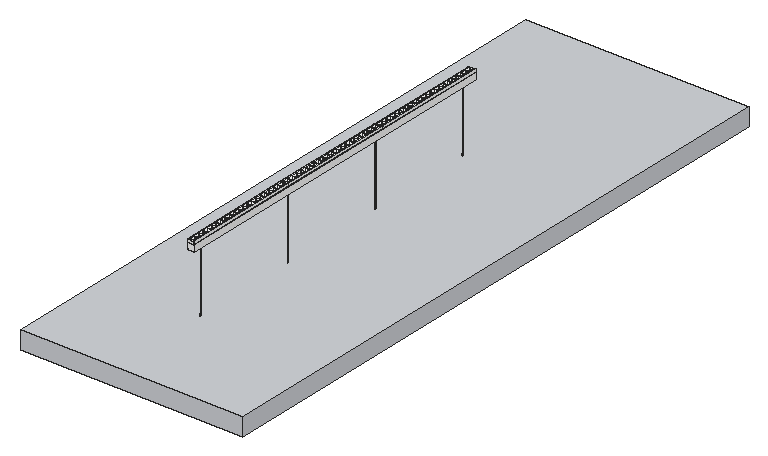
Revit family "Zumtobel TECTON MIREL LED", category Lighting Fixtures, host Face, Revit 2016 (continued)
Definition of nested family "Zumtobel TECTON MIREL LED (Lamp & Reflector)"
  Definition of nested family "Zumtobel TECTON MIREL Body L 1500"
    Forms (mm)
      Blend 3, void
        base sketch origin (0, 0, -623) x (0, -1, 0) y (1, 0, 0)
          loop
            line (238.644, -71.424) -> (238.644, -31.424) -> (198.644, -31.424) -> (198.644, -71.424) -> (238.644, -71.424)
        top sketch origin (0, 0, -623) x (0, -1, 0) y (1, 0, 0)
          loop
            line (207.644, -40.424) -> (207.644, -62.424) -> (229.644, -62.424) -> (229.644, -40.424) -> (207.644, -40.424)
        from 0 to 10
      Blend 4, void
        base sketch origin (0, 0, -623) x (0, -1, 0) y (1, 0, 0)
          loop
            line (238.644, 15.576) -> (198.644, 15.576) -> (198.644, -24.424) -> (238.644, -24.424) -> (238.644, 15.576)
        top sketch origin (0, 0, -623) x (0, -1, 0) y (1, 0, 0)
          loop
            line (207.644, -15.424) -> (229.644, -15.424) -> (229.644, 6.576) -> (207.644, 6.576) -> (207.644, -15.424)
        from 0 to 10
      Blend 5, void
        base sketch origin (0, 0, -623) x (0, -1, 0) y (1, 0, 0)
          loop
            line (238.644, 109.576) -> (198.644, 109.576) -> (198.644, 69.576) -> (238.644, 69.576) -> (238.644, 109.576)
        top sketch origin (0, 0, -623) x (0, -1, 0) y (1, 0, 0)
          loop
            line (207.644, 78.576) -> (229.644, 78.576) -> (229.644, 100.576) -> (207.644, 100.576) -> (207.644, 78.576)
        from 0 to 10
      Blend 6, void
        base sketch origin (0, 0, -623) x (0, -1, 0) y (1, 0, 0)
          loop
            line (238.644, 62.576) -> (198.644, 62.576) -> (198.644, 22.576) -> (238.644, 22.576) -> (238.644, 62.576)
        top sketch origin (0, 0, -623) x (0, -1, 0) y (1, 0, 0)
          loop
            line (207.644, 31.576) -> (229.644, 31.576) -> (229.644, 53.576) -> (207.644, 53.576) -> (207.644, 31.576)
        from 0 to 10
      Blend 7, void
        base sketch origin (0, 0, -623) x (0, -1, 0) y (1, 0, 0)
          loop
            line (238.644, 116.576) -> (238.644, 156.576) -> (198.644, 156.576) -> (198.644, 116.576) -> (238.644, 116.576)
        top sketch origin (0, 0, -623) x (0, -1, 0) y (1, 0, 0)
          loop
            line (207.644, 147.576) -> (207.644, 125.576) -> (229.644, 125.576) -> (229.644, 147.576) -> (207.644, 147.576)
        from 0 to 10
      Blend 8, void
        base sketch origin (0, 0, -623) x (0, -1, 0) y (1, 0, 0)
          loop
            line (238.644, 344.576) -> (198.644, 344.576) -> (198.644, 304.576) -> (238.644, 304.576) -> (238.644, 344.576)
        top sketch origin (0, 0, -623) x (0, -1, 0) y (1, 0, 0)
          loop
            line (207.644, 313.576) -> (229.644, 313.576) -> (229.644, 335.576) -> (207.644, 335.576) -> (207.644, 313.576)
        from 0 to 10
      Blend 9, void
        base sketch origin (0, 0, -623) x (0, -1, 0) y (1, 0, 0)
          loop
            line (238.644, 297.576) -> (198.644, 297.576) -> (198.644, 257.576) -> (238.644, 257.576) -> (238.644, 297.576)
        top sketch origin (0, 0, -623) x (0, -1, 0) y (1, 0, 0)
          loop
            line (207.644, 266.576) -> (229.644, 266.576) -> (229.644, 288.576) -> (207.644, 288.576) -> (207.644, 266.576)
        from 0 to 10
      Blend 10, void
        base sketch origin (0, 0, -623) x (0, -1, 0) y (1, 0, 0)
          loop
            line (238.644, 210.576) -> (238.644, 250.576) -> (198.644, 250.576) -> (198.644, 210.576) -> (238.644, 210.576)
        top sketch origin (0, 0, -623) x (0, -1, 0) y (1, 0, 0)
          loop
            line (207.644, 241.576) -> (207.644, 219.576) -> (229.644, 219.576) -> (229.644, 241.576) -> (207.644, 241.576)
        from 0 to 10
      Blend 11, void
        base sketch origin (0, 0, -623) x (0, -1, 0) y (1, 0, 0)
          loop
            line (238.644, 163.576) -> (238.644, 203.576) -> (198.644, 203.576) -> (198.644, 163.576) -> (238.644, 163.576)
        top sketch origin (0, 0, -623) x (0, -1, 0) y (1, 0, 0)
          loop
            line (207.644, 194.576) -> (207.644, 172.576) -> (229.644, 172.576) -> (229.644, 194.576) -> (207.644, 194.576)
        from 0 to 10
      Blend 12, void
        base sketch origin (0, 0, -623) x (0, -1, 0) y (1, 0, 0)
          loop
            line (238.644, 351.576) -> (238.644, 391.576) -> (198.644, 391.576) -> (198.644, 351.576) -> (238.644, 351.576)
        top sketch origin (0, 0, -623) x (0, -1, 0) y (1, 0, 0)
          loop
            line (207.644, 382.576) -> (207.644, 360.576) -> (229.644, 360.576) -> (229.644, 382.576) -> (207.644, 382.576)
        from 0 to 10
      Blend 13, void
        base sketch origin (0, 0, -623) x (0, -1, 0) y (1, 0, 0)
          loop
            line (238.644, 438.576) -> (198.644, 438.576) -> (198.644, 398.576) -> (238.644, 398.576) -> (238.644, 438.576)
        top sketch origin (0, 0, -623) x (0, -1, 0) y (1, 0, 0)
          loop
            line (207.644, 407.576) -> (229.644, 407.576) -> (229.644, 429.576) -> (207.644, 429.576) -> (207.644, 407.576)
        from 0 to 10
      Blend 14, void
        base sketch origin (0, 0, -623) x (0, -1, 0) y (1, 0, 0)
          loop
            line (238.644, 532.576) -> (198.644, 532.576) -> (198.644, 492.576) -> (238.644, 492.576) -> (238.644, 532.576)
        top sketch origin (0, 0, -623) x (0, -1, 0) y (1, 0, 0)
          loop
            line (207.644, 501.576) -> (229.644, 501.576) -> (229.644, 523.576) -> (207.644, 523.576) -> (207.644, 501.576)
        from 0 to 10
      Blend 15, void
        base sketch origin (0, 0, -623) x (0, -1, 0) y (1, 0, 0)
          loop
            line (238.644, 485.576) -> (198.644, 485.576) -> (198.644, 445.576) -> (238.644, 445.576) -> (238.644, 485.576)
        top sketch origin (0, 0, -623) x (0, -1, 0) y (1, 0, 0)
          loop
            line (207.644, 454.576) -> (229.644, 454.576) -> (229.644, 476.576) -> (207.644, 476.576) -> (207.644, 454.576)
        from 0 to 10
      Blend 16, void
        base sketch origin (0, 0, -623) x (0, -1, 0) y (1, 0, 0)
          loop
            line (238.644, 539.576) -> (238.644, 579.576) -> (198.644, 579.576) -> (198.644, 539.576) -> (238.644, 539.576)
        top sketch origin (0, 0, -623) x (0, -1, 0) y (1, 0, 0)
          loop
            line (207.644, 570.576) -> (207.644, 548.576) -> (229.644, 548.576) -> (229.644, 570.576) -> (207.644, 570.576)
        from 0 to 10
      Blend 17, void
        base sketch origin (0, 0, -623) x (0, -1, 0) y (1, 0, 0)
          loop
            line (238.644, 633.576) -> (238.644, 673.576) -> (198.644, 673.576) -> (198.644, 633.576) -> (238.644, 633.576)
        top sketch origin (0, 0, -623) x (0, -1, 0) y (1, 0, 0)
          loop
            line (207.644, 664.576) -> (207.644, 642.576) -> (229.644, 642.576) -> (229.644, 664.576) -> (207.644, 664.576)
        from 0 to 10
      Blend 18, void
        base sketch origin (0, 0, -623) x (0, -1, 0) y (1, 0, 0)
          loop
            line (238.644, 586.576) -> (238.644, 626.576) -> (198.644, 626.576) -> (198.644, 586.576) -> (238.644, 586.576)
        top sketch origin (0, 0, -623) x (0, -1, 0) y (1, 0, 0)
          loop
            line (207.644, 617.576) -> (207.644, 595.576) -> (229.644, 595.576) -> (229.644, 617.576) -> (207.644, 617.576)
        from 0 to 10
      Blend 19, void
        base sketch origin (0, 0, -623) x (0, -1, 0) y (1, 0, 0)
          loop
            line (238.644, -165.424) -> (238.644, -125.424) -> (198.644, -125.424) -> (198.644, -165.424) -> (238.644, -165.424)
        top sketch origin (0, 0, -623) x (0, -1, 0) y (1, 0, 0)
          loop
            line (207.644, -134.424) -> (207.644, -156.424) -> (229.644, -156.424) -> (229.644, -134.424) -> (207.644, -134.424)
        from 0 to 10
      Blend 20, void
        base sketch origin (0, 0, -623) x (0, -1, 0) y (1, 0, 0)
          loop
            line (238.644, -259.424) -> (238.644, -219.424) -> (198.644, -219.424) -> (198.644, -259.424) -> (238.644, -259.424)
        top sketch origin (0, 0, -623) x (0, -1, 0) y (1, 0, 0)
          loop
            line (207.644, -228.424) -> (207.644, -250.424) -> (229.644, -250.424) -> (229.644, -228.424) -> (207.644, -228.424)
        from 0 to 10
      Blend 21, void
        base sketch origin (0, 0, -623) x (0, -1, 0) y (1, 0, 0)
          loop
            line (238.644, -212.424) -> (238.644, -172.424) -> (198.644, -172.424) -> (198.644, -212.424) -> (238.644, -212.424)
        top sketch origin (0, 0, -623) x (0, -1, 0) y (1, 0, 0)
          loop
            line (207.644, -181.424) -> (207.644, -203.424) -> (229.644, -203.424) -> (229.644, -181.424) -> (207.644, -181.424)
        from 0 to 10
      Blend 22, void
        base sketch origin (0, 0, -623) x (0, -1, 0) y (1, 0, 0)
          loop
            line (238.644, -266.424) -> (198.644, -266.424) -> (198.644, -306.424) -> (238.644, -306.424) -> (238.644, -266.424)
        top sketch origin (0, 0, -623) x (0, -1, 0) y (1, 0, 0)
          loop
            line (207.644, -297.424) -> (229.644, -297.424) -> (229.644, -275.424) -> (207.644, -275.424) -> (207.644, -297.424)
        from 0 to 10
      Blend 23, void
        base sketch origin (0, 0, -623) x (0, -1, 0) y (1, 0, 0)
          loop
            line (238.644, -494.424) -> (238.644, -454.424) -> (198.644, -454.424) -> (198.644, -494.424) -> (238.644, -494.424)
        top sketch origin (0, 0, -623) x (0, -1, 0) y (1, 0, 0)
          loop
            line (207.644, -463.424) -> (207.644, -485.424) -> (229.644, -485.424) -> (229.644, -463.424) -> (207.644, -463.424)
        from 0 to 10
      Blend 24, void
        base sketch origin (0, 0, -623) x (0, -1, 0) y (1, 0, 0)
          loop
            line (238.644, -447.424) -> (238.644, -407.424) -> (198.644, -407.424) -> (198.644, -447.424) -> (238.644, -447.424)
        top sketch origin (0, 0, -623) x (0, -1, 0) y (1, 0, 0)
          loop
            line (207.644, -416.424) -> (207.644, -438.424) -> (229.644, -438.424) -> (229.644, -416.424) -> (207.644, -416.424)
        from 0 to 10
      Blend 25, void
        base sketch origin (0, 0, -623) x (0, -1, 0) y (1, 0, 0)
          loop
            line (238.644, -360.424) -> (198.644, -360.424) -> (198.644, -400.424) -> (238.644, -400.424) -> (238.644, -360.424)
        top sketch origin (0, 0, -623) x (0, -1, 0) y (1, 0, 0)
          loop
            line (207.644, -391.424) -> (229.644, -391.424) -> (229.644, -369.424) -> (207.644, -369.424) -> (207.644, -391.424)
        from 0 to 10
      Blend 26, void
        base sketch origin (0, 0, -623) x (0, -1, 0) y (1, 0, 0)
          loop
            line (238.644, -313.424) -> (198.644, -313.424) -> (198.644, -353.424) -> (238.644, -353.424) -> (238.644, -313.424)
        top sketch origin (0, 0, -623) x (0, -1, 0) y (1, 0, 0)
          loop
            line (207.644, -344.424) -> (229.644, -344.424) -> (229.644, -322.424) -> (207.644, -322.424) -> (207.644, -344.424)
        from 0 to 10
      Blend 27, void
        base sketch origin (0, 0, -623) x (0, -1, 0) y (1, 0, 0)
          loop
            line (238.644, -501.424) -> (198.644, -501.424) -> (198.644, -541.424) -> (238.644, -541.424) -> (238.644, -501.424)
        top sketch origin (0, 0, -623) x (0, -1, 0) y (1, 0, 0)
          loop
            line (207.644, -532.424) -> (229.644, -532.424) -> (229.644, -510.424) -> (207.644, -510.424) -> (207.644, -532.424)
        from 0 to 10
      Blend 28, void
        base sketch origin (0, 0, -623) x (0, -1, 0) y (1, 0, 0)
          loop
            line (238.644, -588.424) -> (238.644, -548.424) -> (198.644, -548.424) -> (198.644, -588.424) -> (238.644, -588.424)
        top sketch origin (0, 0, -623) x (0, -1, 0) y (1, 0, 0)
          loop
            line (207.644, -557.424) -> (207.644, -579.424) -> (229.644, -579.424) -> (229.644, -557.424) -> (207.644, -557.424)
        from 0 to 10
      Blend 29, void
        base sketch origin (0, 0, -623) x (0, -1, 0) y (1, 0, 0)
          loop
            line (238.644, -682.424) -> (238.644, -642.424) -> (198.644, -642.424) -> (198.644, -682.424) -> (238.644, -682.424)
        top sketch origin (0, 0, -623) x (0, -1, 0) y (1, 0, 0)
          loop
            line (207.644, -651.424) -> (207.644, -673.424) -> (229.644, -673.424) -> (229.644, -651.424) -> (207.644, -651.424)
        from 0 to 10
      Blend 30, void
        base sketch origin (0, 0, -623) x (0, -1, 0) y (1, 0, 0)
          loop
            line (238.644, -635.424) -> (238.644, -595.424) -> (198.644, -595.424) -> (198.644, -635.424) -> (238.644, -635.424)
        top sketch origin (0, 0, -623) x (0, -1, 0) y (1, 0, 0)
          loop
            line (207.644, -604.424) -> (207.644, -626.424) -> (229.644, -626.424) -> (229.644, -604.424) -> (207.644, -604.424)
        from 0 to 10
      Blend 31, void
        base sketch origin (0, 0, -623) x (0, -1, 0) y (1, 0, 0)
          loop
            line (238.644, -689.424) -> (198.644, -689.424) -> (198.644, -729.424) -> (238.644, -729.424) -> (238.644, -689.424)
        top sketch origin (0, 0, -623) x (0, -1, 0) y (1, 0, 0)
          loop
            line (207.644, -720.424) -> (229.644, -720.424) -> (229.644, -698.424) -> (207.644, -698.424) -> (207.644, -720.424)
        from 0 to 10
      Blend 32, void
        base sketch origin (0, 0, -623) x (0, -1, 0) y (1, 0, 0)
          loop
            line (238.644, -783.424) -> (198.644, -783.424) -> (198.644, -823.424) -> (238.644, -823.424) -> (238.644, -783.424)
        top sketch origin (0, 0, -623) x (0, -1, 0) y (1, 0, 0)
          loop
            line (207.644, -814.424) -> (229.644, -814.424) -> (229.644, -792.424) -> (207.644, -792.424) -> (207.644, -814.424)
        from 0 to 10
      Blend 33, void
        base sketch origin (0, 0, -623) x (0, -1, 0) y (1, 0, 0)
          loop
            line (238.644, -736.424) -> (198.644, -736.424) -> (198.644, -776.424) -> (238.644, -776.424) -> (238.644, -736.424)
        top sketch origin (0, 0, -623) x (0, -1, 0) y (1, 0, 0)
          loop
            line (207.644, -767.424) -> (229.644, -767.424) -> (229.644, -745.424) -> (207.644, -745.424) -> (207.644, -767.424)
        from 0 to 10
    Cuts and joins
      Blend 2, Blend 3, Blend 4, Blend 5, Blend 6, Blend 7, Blend 8, Blend 9, Blend 10, Blend 11, Blend 12, Blend 13, Blend 14, Blend 15, Blend 16, Blend 17, Blend 18, Blend 19, Blend 20, Blend 21, Blend 22, Blend 23, Blend 24, Blend 25, Blend 26, Blend 27, Blend 28, Blend 29, Blend 30, Blend 31, Blend 32, Blend 33 cuts Extrusion 1
    Dimensions and locks
      plane 7 to plane 6 to plane 4 "Light Source Elevation" = 7 mm locked, 16 mm locked
      aligned and locked: plane 5 "Bottom" to level
      aligned and locked: cut or joined group 1 (Extrusion 1, Blend 2, Blend 3, Blend 4, Blend 5, Blend 6, Blend 7, Blend 8, Blend 9, Blend 10, Blend 11, Blend 12, Blend 13, Blend 14, Blend 15, Blend 16, Blend 17, Blend 18, Blend 19, Blend 20, Blend 21, Blend 22, Blend 23, Blend 24, Blend 25, Blend 26, Blend 27, Blend 28, Blend 29, Blend 30, Blend 31, Blend 32, Blend 33) to plane 8
      aligned and locked: cut or joined group 1 to plane 9
  Definition of nested family "Zumtobel TECTON MIREL Body L 1000"
    Parameters (values of type "L 1000")
      URL = ""
      Reflector [instance] = none
      Light Emitting Shape [instance] = none
      L 2000 = yes
      L 200 = yes
      L 1500 = yes
      L 1000 = yes
      Body [instance] = none
      Apparent Load = 0 VA  # constant formula
      Model = ""
      Lamp = ""
      Wattage Comments = ""
      Manufacturer = ""
      Description = ""
      Assembly Code = ""
    Reference planes
      plane 1 "Light Source Axis (F/B)": y = -218.644
      plane 2: z = 0
      plane 3 "Light Source Axis (L/R)": x = -74.924
      plane 4 "Light Source Elevation": z = -623
      plane 5 "Bottom": z = 0
      plane 6: z = -607
      plane 7: z = -600
      plane 8: x = -574.924
      plane 9: x = 425.076
    Forms (mm)
      Extrusion 1, solid, material <- "Body", visible <- "L 200"
        sketch origin (-74.924, 0, 0) x (0, 1, 0) y (0, 0, 1)
          loop
            line (-188.644, -607) -> (-191.518, -607) -> (-191.518, -600) -> (-245.769, -600) -> (-245.769, -607) -> (-248.644, -607) -> (-248.644, -625) -> (-246.644, -625) -> (-245.644, -623) -> (-191.644, -623) -> (-190.644, -625) -> (-188.644, -625) -> (-188.644, -607)
        from -500 to 500
      Blend 2, void
        base sketch origin (-23.5, 0, -623) x (0, -1, 0) y (1, 0, 0)
          loop
            line (238.644, -71.424) -> (238.644, -31.424) -> (198.644, -31.424) -> (198.644, -71.424) -> (238.644, -71.424)
        top sketch origin (-23.5, 0, -623) x (0, -1, 0) y (1, 0, 0)
          loop
            line (207.644, -40.424) -> (207.644, -62.424) -> (229.644, -62.424) -> (229.644, -40.424) -> (207.644, -40.424)
        from 0 to 10
      Blend 3, void
        base sketch origin (-23.5, 0, -623) x (0, -1, 0) y (1, 0, 0)
          loop
            line (238.644, 15.576) -> (198.644, 15.576) -> (198.644, -24.424) -> (238.644, -24.424) -> (238.644, 15.576)
        top sketch origin (-23.5, 0, -623) x (0, -1, 0) y (1, 0, 0)
          loop
            line (207.644, -15.424) -> (229.644, -15.424) -> (229.644, 6.576) -> (207.644, 6.576) -> (207.644, -15.424)
        from 0 to 10
      Blend 4, void
        base sketch origin (-23.5, 0, -623) x (0, -1, 0) y (1, 0, 0)
          loop
            line (238.644, 109.576) -> (198.644, 109.576) -> (198.644, 69.576) -> (238.644, 69.576) -> (238.644, 109.576)
        top sketch origin (-23.5, 0, -623) x (0, -1, 0) y (1, 0, 0)
          loop
            line (207.644, 78.576) -> (229.644, 78.576) -> (229.644, 100.576) -> (207.644, 100.576) -> (207.644, 78.576)
        from 0 to 10
      Blend 5, void
        base sketch origin (-23.5, 0, -623) x (0, -1, 0) y (1, 0, 0)
          loop
            line (238.644, 62.576) -> (198.644, 62.576) -> (198.644, 22.576) -> (238.644, 22.576) -> (238.644, 62.576)
        top sketch origin (-23.5, 0, -623) x (0, -1, 0) y (1, 0, 0)
          loop
            line (207.644, 31.576) -> (229.644, 31.576) -> (229.644, 53.576) -> (207.644, 53.576) -> (207.644, 31.576)
        from 0 to 10
      Blend 6, void
        base sketch origin (-23.5, 0, -623) x (0, -1, 0) y (1, 0, 0)
          loop
            line (238.644, 116.576) -> (238.644, 156.576) -> (198.644, 156.576) -> (198.644, 116.576) -> (238.644, 116.576)
        top sketch origin (-23.5, 0, -623) x (0, -1, 0) y (1, 0, 0)
          loop
            line (207.644, 147.576) -> (207.644, 125.576) -> (229.644, 125.576) -> (229.644, 147.576) -> (207.644, 147.576)
        from 0 to 10
      Blend 7, void
        base sketch origin (-23.5, 0, -623) x (0, -1, 0) y (1, 0, 0)
          loop
            line (238.644, 344.576) -> (198.644, 344.576) -> (198.644, 304.576) -> (238.644, 304.576) -> (238.644, 344.576)
        top sketch origin (-23.5, 0, -623) x (0, -1, 0) y (1, 0, 0)
          loop
            line (207.644, 313.576) -> (229.644, 313.576) -> (229.644, 335.576) -> (207.644, 335.576) -> (207.644, 313.576)
        from 0 to 10
      Blend 8, void
        base sketch origin (-23.5, 0, -623) x (0, -1, 0) y (1, 0, 0)
          loop
            line (238.644, 297.576) -> (198.644, 297.576) -> (198.644, 257.576) -> (238.644, 257.576) -> (238.644, 297.576)
        top sketch origin (-23.5, 0, -623) x (0, -1, 0) y (1, 0, 0)
          loop
            line (207.644, 266.576) -> (229.644, 266.576) -> (229.644, 288.576) -> (207.644, 288.576) -> (207.644, 266.576)
        from 0 to 10
      Blend 9, void
        base sketch origin (-23.5, 0, -623) x (0, -1, 0) y (1, 0, 0)
          loop
            line (238.644, 210.576) -> (238.644, 250.576) -> (198.644, 250.576) -> (198.644, 210.576) -> (238.644, 210.576)
        top sketch origin (-23.5, 0, -623) x (0, -1, 0) y (1, 0, 0)
          loop
            line (207.644, 241.576) -> (207.644, 219.576) -> (229.644, 219.576) -> (229.644, 241.576) -> (207.644, 241.576)
        from 0 to 10
      Blend 10, void
        base sketch origin (-23.5, 0, -623) x (0, -1, 0) y (1, 0, 0)
          loop
            line (238.644, 163.576) -> (238.644, 203.576) -> (198.644, 203.576) -> (198.644, 163.576) -> (238.644, 163.576)
        top sketch origin (-23.5, 0, -623) x (0, -1, 0) y (1, 0, 0)
          loop
            line (207.644, 194.576) -> (207.644, 172.576) -> (229.644, 172.576) -> (229.644, 194.576) -> (207.644, 194.576)
        from 0 to 10
      Blend 11, void
        base sketch origin (-23.5, 0, -623) x (0, -1, 0) y (1, 0, 0)
          loop
            line (238.644, 351.576) -> (238.644, 391.576) -> (198.644, 391.576) -> (198.644, 351.576) -> (238.644, 351.576)
        top sketch origin (-23.5, 0, -623) x (0, -1, 0) y (1, 0, 0)
          loop
            line (207.644, 382.576) -> (207.644, 360.576) -> (229.644, 360.576) -> (229.644, 382.576) -> (207.644, 382.576)
        from 0 to 10
      Blend 12, void
        base sketch origin (-23.5, 0, -623) x (0, -1, 0) y (1, 0, 0)
          loop
            line (238.644, 438.576) -> (198.644, 438.576) -> (198.644, 398.576) -> (238.644, 398.576) -> (238.644, 438.576)
        top sketch origin (-23.5, 0, -623) x (0, -1, 0) y (1, 0, 0)
          loop
            line (207.644, 407.576) -> (229.644, 407.576) -> (229.644, 429.576) -> (207.644, 429.576) -> (207.644, 407.576)
        from 0 to 10
      Blend 13, void
        base sketch origin (70.5, 0, -623) x (0, -1, 0) y (1, 0, 0)
          loop
            line (238.644, -259.424) -> (238.644, -219.424) -> (198.644, -219.424) -> (198.644, -259.424) -> (238.644, -259.424)
        top sketch origin (70.5, 0, -623) x (0, -1, 0) y (1, 0, 0)
          loop
            line (207.644, -228.424) -> (207.644, -250.424) -> (229.644, -250.424) -> (229.644, -228.424) -> (207.644, -228.424)
        from 0 to 10
      Blend 14, void
        base sketch origin (70.5, 0, -623) x (0, -1, 0) y (1, 0, 0)
          loop
            line (238.644, -212.424) -> (238.644, -172.424) -> (198.644, -172.424) -> (198.644, -212.424) -> (238.644, -212.424)
        top sketch origin (70.5, 0, -623) x (0, -1, 0) y (1, 0, 0)
          loop
            line (207.644, -181.424) -> (207.644, -203.424) -> (229.644, -203.424) -> (229.644, -181.424) -> (207.644, -181.424)
        from 0 to 10
      Blend 15, void
        base sketch origin (70.5, 0, -623) x (0, -1, 0) y (1, 0, 0)
          loop
            line (238.644, -266.424) -> (198.644, -266.424) -> (198.644, -306.424) -> (238.644, -306.424) -> (238.644, -266.424)
        top sketch origin (70.5, 0, -623) x (0, -1, 0) y (1, 0, 0)
          loop
            line (207.644, -297.424) -> (229.644, -297.424) -> (229.644, -275.424) -> (207.644, -275.424) -> (207.644, -297.424)
        from 0 to 10
      Blend 16, void
        base sketch origin (70.5, 0, -623) x (0, -1, 0) y (1, 0, 0)
          loop
            line (238.644, -494.424) -> (238.644, -454.424) -> (198.644, -454.424) -> (198.644, -494.424) -> (238.644, -494.424)
        top sketch origin (70.5, 0, -623) x (0, -1, 0) y (1, 0, 0)
          loop
            line (207.644, -463.424) -> (207.644, -485.424) -> (229.644, -485.424) -> (229.644, -463.424) -> (207.644, -463.424)
        from 0 to 10
      Blend 17, void
        base sketch origin (70.5, 0, -623) x (0, -1, 0) y (1, 0, 0)
          loop
            line (238.644, -447.424) -> (238.644, -407.424) -> (198.644, -407.424) -> (198.644, -447.424) -> (238.644, -447.424)
        top sketch origin (70.5, 0, -623) x (0, -1, 0) y (1, 0, 0)
          loop
            line (207.644, -416.424) -> (207.644, -438.424) -> (229.644, -438.424) -> (229.644, -416.424) -> (207.644, -416.424)
        from 0 to 10
      Blend 18, void
        base sketch origin (70.5, 0, -623) x (0, -1, 0) y (1, 0, 0)
          loop
            line (238.644, -360.424) -> (198.644, -360.424) -> (198.644, -400.424) -> (238.644, -400.424) -> (238.644, -360.424)
        top sketch origin (70.5, 0, -623) x (0, -1, 0) y (1, 0, 0)
          loop
            line (207.644, -391.424) -> (229.644, -391.424) -> (229.644, -369.424) -> (207.644, -369.424) -> (207.644, -391.424)
        from 0 to 10
      Blend 19, void
        base sketch origin (70.5, 0, -623) x (0, -1, 0) y (1, 0, 0)
          loop
            line (238.644, -313.424) -> (198.644, -313.424) -> (198.644, -353.424) -> (238.644, -353.424) -> (238.644, -313.424)
        top sketch origin (70.5, 0, -623) x (0, -1, 0) y (1, 0, 0)
          loop
            line (207.644, -344.424) -> (229.644, -344.424) -> (229.644, -322.424) -> (207.644, -322.424) -> (207.644, -344.424)
        from 0 to 10
      Blend 20, void
        base sketch origin (70.5, 0, -623) x (0, -1, 0) y (1, 0, 0)
          loop
            line (238.644, -501.424) -> (198.644, -501.424) -> (198.644, -541.424) -> (238.644, -541.424) -> (238.644, -501.424)
        top sketch origin (70.5, 0, -623) x (0, -1, 0) y (1, 0, 0)
          loop
            line (207.644, -532.424) -> (229.644, -532.424) -> (229.644, -510.424) -> (207.644, -510.424) -> (207.644, -532.424)
        from 0 to 10
      Blend 21, void
        base sketch origin (70.5, 0, -623) x (0, -1, 0) y (1, 0, 0)
          loop
            line (238.644, -588.424) -> (238.644, -548.424) -> (198.644, -548.424) -> (198.644, -588.424) -> (238.644, -588.424)
        top sketch origin (70.5, 0, -623) x (0, -1, 0) y (1, 0, 0)
          loop
            line (207.644, -557.424) -> (207.644, -579.424) -> (229.644, -579.424) -> (229.644, -557.424) -> (207.644, -557.424)
        from 0 to 10
      Blend 22, void
        base sketch origin (23.5, 0, -623) x (0, -1, 0) y (1, 0, 0)
          loop
            line (238.644, -588.424) -> (238.644, -548.424) -> (198.644, -548.424) -> (198.644, -588.424) -> (238.644, -588.424)
        top sketch origin (23.5, 0, -623) x (0, -1, 0) y (1, 0, 0)
          loop
            line (207.644, -557.424) -> (207.644, -579.424) -> (229.644, -579.424) -> (229.644, -557.424) -> (207.644, -557.424)
        from 0 to 10
    Cuts and joins
      Blend 2, Blend 3, Blend 4, Blend 5, Blend 6, Blend 7, Blend 8, Blend 9, Blend 10, Blend 11, Blend 12, Blend 13, Blend 14, Blend 15, Blend 16, Blend 17, Blend 18, Blend 19, Blend 20, Blend 21, Blend 22 cuts Extrusion 1
    Dimensions and locks
      plane 7 to plane 6 to plane 4 "Light Source Elevation" = 7 mm locked, 16 mm locked
      aligned and locked: plane 5 "Bottom" to level
      aligned and locked: cut or joined group of Extrusion 1, Blend 2, Blend 3, Blend 4, Blend 5, Blend 6, Blend 7, Blend 8, Blend 9, Blend 10, Blend 11, Blend 12, Blend 13, Blend 14, Blend 15, Blend 16, Blend 17, Blend 18, Blend 19, Blend 20, Blend 21, Blend 22 to plane 8
Definition of nested family "Suspension"
  Parameters
    Suspension Height = 600 mm
    Suspension [instance] = none
    Emit Shape Visible in Rendering = no
    Default Elevation = 1219.2 mm
    Assembly Code = ""
  Reference planes
    plane 1 "Light Source Axis (F/B)": y = 0
    plane 2 "Top": z = 0
    plane 3 "Light Source Axis (L/R)": x = -2.506
    plane 4 "Bottom": z = -600
    plane 5 "Top Fitting": z = -540
  Forms (mm)
    Sweep 1, solid, material <- "Suspension"
      path origin (-2.506, 0, 0) x (0, 0, 1) y (0, -1, 0)
        loop
          line (0, 0) -> (-540, 0)
      profile origin (-2.506, 0, -270) x (-1, 0, 0) y (0, -1, 0)
        loop
          circle (0, 0) r 1
    Extrusion 2, solid, material <- "Suspension"
      sketch origin (0, 0, -540) x (0, 1, 0) y (-1, 0, 0)
        loop
          circle (0, 2.506) r 2
      from 0 to 15
    Extrusion 3, solid, material <- "Suspension"
      sketch origin (-2400.746, 0, 0) x (1, 0, 0) y (0, 1, 0)
        loop
          circle (2398.24, 0) r 2.6
      from 0 to -13
  Cuts and joins
    joined: Sweep 1, Extrusion 2, Extrusion 3
  Dimensions and locks
    "Suspension Height": plane 2 "Top" to plane 4 "Bottom"
    locked: plane 4 "Bottom" to plane 5 "Top Fitting" at 60
    aligned and locked: level to plane 2 "Top"
    aligned and locked: plane 5 "Top Fitting" to Sweep 1 sketch curve
  Automatic sketch dimensions
    Sweep 1 sketch curve to plane 1 "Light Source Axis (F/B)" = 0 mm
    Sweep 1 sketch curve to level = 0 mm
    Sweep 1 sketch curve to profile plane = 0 mm  (x2)
    plane 1 "Light Source Axis (F/B)" to Extrusion 3 sketch curve = 0 mm
    plane 3 "Light Source Axis (L/R)" to Extrusion 3 sketch curve = 0 mm
    plane 1 "Light Source Axis (F/B)" to Extrusion 2 sketch curve = 0 mm
    Extrusion 2 sketch curve to plane 3 "Light Source Axis (L/R)" = 0 mm
    radius of Sweep 1 sketch curve = 1 mm
    radius of Extrusion 3 sketch curve = 2.6 mm
    radius of Extrusion 2 sketch curve = 2 mm
Types (6, lengths in mm): name | URL | Length Continuous Row | Fixture Type | Length
  TECTON MIREL LED3700 L1000 | "http://www.zumtobel.com/42185317" | 3000 | Zumtobel TECTON MIREL LED (Lamp & Reflector) : TECTON MIREL LED3700 L1000 | 1000
  TECTON MIREL LED5500 L1500 | "http://www.zumtobel.com/42185318" | 4500 | Zumtobel TECTON MIREL LED (Lamp & Reflector) : TECTON MIREL LED5500 L1500 | 1500
  TECTON MIREL LED7400 L2000 | "http://www.zumtobel.com/42185319" | 6000 | Zumtobel TECTON MIREL LED (Lamp & Reflector) : TECTON MIREL LED7400 L2000 | 2000
  TECTON MIREL LED2700 L1000 | "http://www.zumtobel.com/42185314" | 3000 | Zumtobel TECTON MIREL LED (Lamp & Reflector) : TECTON MIREL LED2700 L1000 | 1000
  TECTON MIREL LED4000 L1500 | "http://www.zumtobel.com/42185315" | 4500 | Zumtobel TECTON MIREL LED (Lamp & Reflector) : TECTON MIREL LED4000 L1500 | 1500
  TECTON MIREL LED5400 L2000 | "http://www.zumtobel.com/42185316" | 6000 | Zumtobel TECTON MIREL LED (Lamp & Reflector) : TECTON MIREL LED5400 L2000 | 2000
